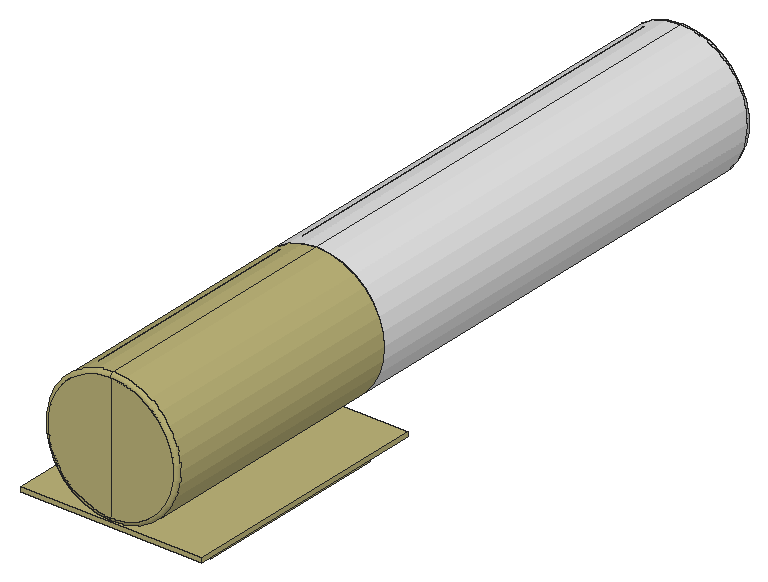
Revit family "3-518-xxx - 37-518-xxx - Magnum (Wall Sconce)", category Lighting Fixtures, host Face, Revit 2018
Family settings
  Host = Face
  Round Connector Dimension = Use Diameter
  Part Type = Normal
  Cut with Voids When Loaded = No
  Light Source = Yes
  Shared = No
  Room Calculation Point = No
Parameters (values of type "3-518-140 / 37-518-140 - Magnum")
  Wattage Comments = "15.1 W at 120 V"  # constant formula
  Wattage = 15.1 W
  built-in parameter 1150110 = 1 (stored number, unit not read)
  Voltage Input [instance] = "120 V or 277 V 50/60Hz"  # constant formula
  URL = "www.oxygenlighting.com"
  built-in parameter 1114217 = 1 (stored number, unit not read)
  Tilt Angle = 0.00°
  built-in parameter 1150109 = 1 (stored number, unit not read)
  built-in parameter 1150134 = (empty or 0)
  built-in parameter 1150113 = 1 (stored number, unit not read)
  Photometric Web File = "3-518-24 Magnum Sconce.ies"
  Other = none
  References [instance] = "Ref. 3 = 120V / Ref. 37 = 277 V"  # constant formula
  Model = "3-518-xxx / 37-518-xxx - Magnum"  # constant formula
  Metal Finish = Oxygen Lighting - Metal Finish - 40 - Aged Brass
  Manufacturer = "Oxygen Lighting"  # constant formula
  built-in parameter 1150105 = 85.675 (stored number, unit not read)
  Lumens = 1076.63 lm
  built-in parameter 1150115 = 1 (stored number, unit not read)
  built-in parameter 1150137 = (empty or 0)
  built-in parameter 1150139 = (empty or 0)
  built-in parameter 1150112 = 1 (stored number, unit not read)
  built-in parameter 1150114 = 1 (stored number, unit not read)
  Lamp = "LED Array"  # constant formula
  built-in parameter 1150132 = (empty or 0)
  built-in parameter 1150102 = (empty or 0)
  built-in parameter 1150107 = 3000 (stored number, unit not read)
  built-in parameter 1150138 = (empty or 0)
  built-in parameter 1150106 = 0.85675 (stored number, unit not read)
  built-in parameter 1150127 = 10.00"
  Emit from Rectangle Length = 30.00"
  Emit Shape Visible in Rendering = no
  built-in parameter 1150104 = 6.624 (stored number, unit not read)
  Dimming Lamp Color Temperature Shift = <None>
  Diffuser = Oxygen Lighting - Diffuser - White Opal Glass
  Default Elevation = 0.00"
  Color Filter = 16777215
  built-in parameter 1114218 = 1 (stored number, unit not read)
  Emit from Rectangle Width = 120.00"
Types (9): name | Metal Finish | Diffuser
  (no name) | Oxygen Lighting - Metal Finish - 40 - Aged Brass | Oxygen Lighting - Diffuser - White Opal Glass
  3-518-14 / 37-518-14 - Magnum | Oxygen Lighting - Metal Finish - 14 - Polished Chrome | Oxygen Lighting - Diffuser - Matte White Acrylic
  3-518-24 / 37-518-24 - Magnum | Oxygen Lighting - Metal Finish - 24 - Satin Nickel | Oxygen Lighting - Diffuser - Matte White Acrylic
  3-518-25 / 37-518-25 - Magnum | Oxygen Lighting - Metal Finish - 25 - Satin Copper | Oxygen Lighting - Diffuser - Matte White Acrylic
  3-518-40 / 37-518-40 - Magnum | Oxygen Lighting - Metal Finish - 40 - Aged Brass | Oxygen Lighting - Diffuser - Matte White Acrylic
  3-518-114 / 37-518-114 - Magnum | Oxygen Lighting - Metal Finish - 14 - Polished Chrome | Oxygen Lighting - Diffuser - White Opal Glass
  3-518-124 / 37-518-124 - Magnum | Oxygen Lighting - Metal Finish - 24 - Satin Nickel | Oxygen Lighting - Diffuser - White Opal Glass
  3-518-125 / 37-518-125 - Magnum | Oxygen Lighting - Metal Finish - 25 - Satin Copper | Oxygen Lighting - Diffuser - White Opal Glass
  3-518-140 / 37-518-140 - Magnum | Oxygen Lighting - Metal Finish - 40 - Aged Brass | Oxygen Lighting - Diffuser - White Opal Glass
Reference planes (in)
  plane 1 "Center (Front/Back)": y = 0
  plane 2: z = 0
  plane 3 "Center (Left/Right)": x = 0
  plane 4 "Top": y = 15.38
Dimensions and locks (in)
  plane 4 "Top" to plane 1 "Center (Front/Back)" = 15.38"
  aligned and locked: plane 2 to host face
  aligned and locked: level to host face
  aligned and locked: nested 1 to plane 3 "Center (Left/Right)"
Nested families (in)
  nested 1: "Family1" at (0, 0.00488, 0) x (-1, 0, 0) z (0, 0, 1), type "Family1"
Definition of nested family "Family1"
  Parameters (values of type "Family1")
    Metal Finish = none
    Diffuser = none
  Reference planes (in)
    plane 1 "Center (Front/Back)": y = 0
    plane 2: z = 0
    plane 3 "Center (Left/Right)": x = 0
  Forms (in)
    Extrusion 1, solid, material <- "Metal Finish"
      sketch origin (1.43133, 4.8897, -3) x (-1, 0, 0) y (0, 0, 1)
        loop
          line (3.43133, 3.38) -> (-0.56867, 3.38) -> (-0.56867, 3) -> (3.43133, 3) -> (3.43133, 3.38)
      from -7.49436 to -2.28503
    Extrusion 2, solid, material <- "Metal Finish"
      sketch origin (1.43133, 84.53419, 2.22423) x (0, -1, 0) y (1, 0, 0)
        loop
          line (81.15919, 0.94367) -> (81.15919, -3.80633) -> (87.90919, -3.80633) -> (87.90919, 0.94367) -> (81.15919, 0.94367)
      from -1.72938 to -1.84423
    Revolve 3, solid, material <- "Metal Finish"
      sketch origin (0, 80.42392, -3.02577) x (0, 0, -1) y (0, -1, 0)
        loop
          line (-5.26, 77.12823) -> (-6.93, 77.12823) -> (-6.93, 83.79892) -> (-7.01, 83.79892) -> (-7.01, 77.15024)
          arc (-7.01, 77.15024) -> (-6.98032, 77.07859) -> (-6.90868, 77.04892) r 0.10132
          line (-6.90868, 77.04892) -> (-5.26, 77.04892) -> (-5.26, 77.12823)
        axis (-5.26, 77.04892) -> (-5.26, 83.79892)
      angle from 0 to 360
    Revolve 4, solid, material <- "Diffuser"
      sketch origin (0, 80.55306, 2.02682) x (0, 0, -1) y (0, -1, 0)
        loop
          line (-1.87742, 83.92806) -> (-1.87742, 95.84806) -> (-0.20742, 95.84806) -> (-0.20742, 95.92806) -> (-1.85886, 95.92806)
          arc (-1.85886, 95.92806) -> (-1.92855, 95.89919) -> (-1.95742, 95.82951) r 0.09855
          line (-1.95742, 95.82951) -> (-1.95742, 83.92806) -> (-1.87742, 83.92806)
        axis (-0.20742, 95.92806) -> (-0.20742, 83.92806)
      angle from 0 to 360
    Extrusion 5, solid, material <- "Metal Finish", not visible
      sketch origin (1.46827, 0, 10.77549) x (0, 1, 0) y (-1, 0, 0)
        loop
          line (3.38, 3.43133) -> (3, 3.43133) -> (3, -0.56867) -> (3.38, -0.56867) -> (3.38, 3.43133)
      from -7.49436 to -2.28503
    Extrusion 6, solid, material <- "Metal Finish", not visible
      sketch origin (1.46827, 5.25, -78.66873) x (1, 0, 0) y (0, 0, 1)
        loop
          line (0.94367, 81.15919) -> (0.94367, 87.90919) -> (-3.80633, 87.90919) -> (-3.80633, 81.15919) -> (0.94367, 81.15919)
      from 1.87 to 1.74
    Revolve 7, solid, material <- "Metal Finish", not visible
      sketch origin (0.03694, 0, -74.55846) x (0, -1, 0) y (0, 0, 1)
        loop
          line (-5.26, 77.12823) -> (-6.93, 77.12823) -> (-6.93, 83.79892) -> (-7.01, 83.79892) -> (-7.01, 77.15024)
          arc (-7.01, 77.15024) -> (-6.98032, 77.07859) -> (-6.90868, 77.04892) r 0.10132
          line (-6.90868, 77.04892) -> (-5.26, 77.04892) -> (-5.26, 77.12823)
        axis (-5.26, 77.04892) -> (-5.26, 83.79892)
      angle from 0 to 360
    Revolve 8, solid, material <- "Diffuser", not visible
      sketch origin (0.03694, 5.05258, -74.6876) x (0, -1, 0) y (0, 0, 1)
        loop
          line (-1.87742, 83.92806) -> (-1.87742, 95.84806) -> (-0.20742, 95.84806) -> (-0.20742, 95.92806) -> (-1.85886, 95.92806)
          arc (-1.85886, 95.92806) -> (-1.92855, 95.89919) -> (-1.95742, 95.82951) r 0.09855
          line (-1.95742, 95.82951) -> (-1.95742, 83.92806) -> (-1.87742, 83.92806)
        axis (-0.20742, 95.92806) -> (-0.20742, 83.92806)
      angle from 0 to 360
  Dimensions and locks (in)
    Extrusion 1 sketch curve to Extrusion 1 sketch curve = 4.00"
    Extrusion 2 sketch curve to Extrusion 2 sketch curve = 4.75"
    Extrusion 2 sketch curve to Extrusion 2 sketch curve = 6.75"
    Extrusion 5 sketch curve to Extrusion 5 sketch curve = 4.00"
    Extrusion 6 sketch curve to Extrusion 6 sketch curve = 4.75"
    Extrusion 6 sketch curve to Extrusion 6 sketch curve = 6.75"
    aligned and locked: plane 2 to level
    aligned and locked: Revolve 3 sketch curve to Revolve 4
    aligned and locked: Revolve 3 to Extrusion 2
    aligned and locked: Revolve 7 sketch curve to Revolve 8
